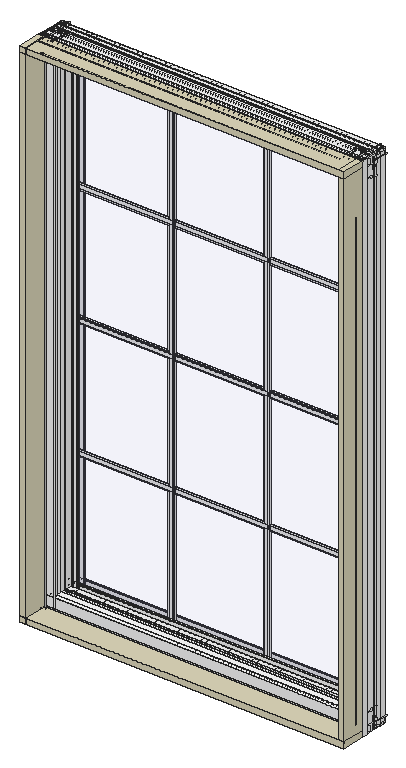
Revit family
Parameters
  Visible Light Transmission = 0
  Vertical Mullion 5 [instance] = and(Traditional Grille, not(Width > 5' 11 1/2"), and(Width > 5' 11 1/4"))  # no
  Vertical Mullion 4 [instance] = and(Traditional Grille, not(Width > 5' 11 1/4"), and(Width > 4' 11 1/4"))  # no
  Vertical Mullion 3 [instance] = and(Traditional Grille, not(Width > 4' 11 1/4"), and(Width > 3' 11 1/4"))  # no
  Vertical Mullion 2 [instance] = and(Traditional Grille, not(Width > 3' 11 1/4"), and(Width > 2' 3 1/4"))  # yes
  Vertical Mullion 1 [instance] = and(Traditional Grille, not(Width > 2' 3 1/4"), and(Width > 1' 5 1/4"))  # no
  Unit Width = 3' - 1"
  Unit Height = 4' - 11"
  URL = "www.pella.com"
  U Value = 0
  Traditional Grille [instance] = yes
  Solar Heat Gain Coefficient = 0
  Size Constraints = "Window Sizing constraints available in 1/4 inch (6.35 mm) increments"  # constant formula
  Set Back = 0' - 1.3126"
  Series = "Impervia Series"  # constant formula
  Sections = ""
  Sash Width = Width - 0' 2.61339"  # 2' - 10.38661"
  STC Rating = 0
  Rough Width = Width + 0' 0 1/2"  # 3' - 1 1/2"
  Rough Height = Height + 0' 0 1/2"  # 4' - 11 1/2"
  Revisions Date = "10/02/2009"  # constant formula
  R Value = 0
  Prairie Grille [instance] = no
  OmniClass Title = "Casement Windows"  # constant formula
  OmniClass Number = "23.30.20.17.21.14"  # constant formula
  Model = "4056"
  MasterFormat Title = "Fiberglass Windows"  # constant formula
  MasterFormat Number = "08.54.66"  # constant formula
  Manufacturer = "Pella Windows & Doors"  # constant formula
  LEED = ""
  Interior Finish = Wood-Pella-Interior-Factory Primed
  Horizontal Mullion 4 [instance] = and(Traditional Grille, not(Height > 6' 7 1/2"), and(Height > 4' 11 1/4"))  # no
  Horizontal Mullion 3 [instance] = and(Traditional Grille, not(Height > 4' 11 1/4"), and(Height > 3' 11 1/4"))  # yes
  Horizontal Mullion 2 [instance] = and(Traditional Grille, not(Height > 3' 11 1/4"), and(Height > 2' 5 1/4"))  # no
  Horizontal Mullion 1 [instance] = and(Traditional Grille, not(Height > 2' 5 1/4"), and(Height > 1' 5 1/4"))  # no
  Height = if(or(and(Unit Height < 5' 11 1/2", Unit Height > 1' 1 1/2"), or(Unit Height = 5' 11 1/2", Unit Height = 1' 1 1/2")), Unit Height, if(Unit Height < 1' 1 1/2", 1' 1 1/2", 5' 11 1/2"))  # 4' - 11"
  Head Height = Default Sill Height + Height  # 7' - 6 1/2"
  Grille Finish = Cladding-Pella-White
  Glazing Type = Glazing-Pella-Argon Filled, Low-E Insulating Glass
  Glazing = 0' - 0.69016"  # constant formula
  Exterior Finish = Cladding-Pella-White
  Energy Star = ""
  Design Pressure = ""
  Description = "Casement - Fixed Unit"  # constant formula
  Default Sill Height = 2' - 7 1/2"
  Wall Closure = (empty or 0)
  Width = if(or(and(Unit Width < 6' 7 1/2", Unit Width > 0' 11 1/2"), or(Unit Width = 6' 7 1/2", Unit Width = 0' 11 1/2")), Unit Width, if(Unit Width < 0' 11 1/2", 0' 11 1/2", 6' 7 1/2"))  # 3' - 1"
  Assembly Code = "B2020100"
  Architectural Design Manual = "www.pellaadm.com"
  Architectural Data Sheet = "To be determined"
  Air Leakage = 0
Reference planes (in)
  plane 1: y = 0
  plane 2 "Center (Left/Right)": x = 0
  plane 3 "Left": x = -18.5
  plane 4 "Right": x = 18.5
  plane 5 "Sill": z = 31.5
  plane 6 "Head": z = 90.5
  plane 7 "Exterior": y = 2.95276
  plane 8 "Interior": y = -2.95276
  plane 9 "Exterior Facade": y = 4.26526
  plane 10 "Set Back": y = 2.95266
  plane 11 "Left Sash": x = -17.19331
  plane 12 "Right Sash": x = 17.19331
  plane 13 "Head (Interior)": z = 89.1935
  plane 14 "Sill (Interior)": z = 32.8065
  plane 15: z = 61
  plane 16 "Glazing Exterior - Exterior": y = 2.74831
  plane 17 "Glazing Exterior - Interior": y = 2.6302
  plane 18 "Glazing Interior - Exterior": y = 2.05815
  plane 19 "Glazing Interior - Interior": y = 2.17626
  plane 20: x = 17.875
  plane 21: y = -0.29753
  plane 22: x = -17.875
  plane 23: y = -0.29753
  plane 24: z = 32.125
  plane 25: y = -0.29724
  plane 26: y = -0.29724
  plane 27: z = 89.875
  plane 28: z = 88.32519
  plane 29: z = 33.67481
  plane 30: x = -16.325
  plane 31: x = 16.325
  plane 32: x = 0.375
  plane 33: x = -0.375
  plane 34: x = -5.44167
  plane 35: x = 5.44167
  plane 36: x = -5.06667
  plane 37: x = -5.81667
  plane 38: x = 5.81667
  plane 39: x = 5.06667
  plane 40: x = -8.1625
  plane 41: x = 0
  plane 42: x = 8.1625
  plane 43: x = -7.7875
  plane 44: x = -8.5375
  plane 45: x = 8.5375
  plane 46: x = 7.7875
  plane 47: x = 0.375
  plane 48: x = -0.375
  plane 49: x = -9.795
  plane 50: x = -3.265
  plane 51: x = 3.265
  plane 52: x = 9.795
  plane 53: x = -9.42
  plane 54: x = -10.17
  plane 55: x = -2.89
  plane 56: x = -3.64
  plane 57: x = 3.64
  plane 58: x = 2.89
  plane 59: x = 10.17
  plane 60: x = 9.42
  plane 61: x = -10.88333
  plane 62: x = -5.44167
  plane 63: x = 0
  plane 64: x = 5.44167
  plane 65: x = 10.88333
  plane 66: z = 60.625
  plane 67: z = 61.375
  plane 68: z = 51.8916
  plane 69: z = 70.1084
  plane 70: z = 69.7334
  plane 71: z = 70.4834
  plane 72: z = 51.5166
  plane 73: z = 52.2666
  plane 74: z = 47.3374
  plane 75: z = 61
  plane 76: z = 74.6626
  plane 77: z = 60.625
  plane 78: z = 61.375
  plane 79: z = 74.2876
  plane 80: z = 75.0376
  plane 81: z = 46.9624
  plane 82: z = 47.7124
  plane 83: z = 44.60488
  plane 84: z = 55.53496
  plane 85: z = 66.46504
  plane 86: z = 77.39512
  plane 87: z = 77.02012
  plane 88: z = 77.77012
  plane 89: z = 66.09004
  plane 90: z = 66.84004
  plane 91: z = 55.15996
  plane 92: z = 55.90996
  plane 93: z = 44.22988
  plane 94: z = 44.97988
  plane 95: x = -12.45571
  plane 96: x = -13.20571
  plane 97: x = 13.20571
  plane 98: x = 12.45571
  plane 99: z = 84.48154
  plane 100: z = 85.23154
  plane 101: z = 37.51846
  plane 102: z = 36.76846
  plane 103: y = 2.28512
  plane 104: y = 2.52134
  plane 105: y = 2.28512
  plane 106: y = 2.52134
  plane 107: y = 2.28512
  plane 108: y = 2.52134
  plane 109: y = 2.28512
  plane 110: y = 2.52134
  plane 111: y = 2.28512
  plane 112: y = 2.52134
  plane 113: x = -17.1935
  plane 114: x = -17.1235
  plane 115: x = -16.7295
  plane 116: x = -16.6795
  plane 117: x = -16.4995
  plane 118: x = -16.4495
  plane 119: x = -16.3505
  plane 120: x = -15.8505
  plane 121: x = -15.8195
  plane 122: x = -15.7495
  plane 123: y = 2.82866
  plane 124: y = 2.77866
  plane 125: y = 2.62493
  plane 126: y = 2.53493
  plane 127: y = 2.48493
  plane 128: y = 2.05815
  plane 129: y = 1.97666
  plane 130: y = 1.77666
  plane 131: y = 1.72666
  plane 132: x = 10.50833
  plane 133: x = 11.25833
  plane 134: x = 5.06667
  plane 135: x = 5.81667
  plane 136: x = 0.375
  plane 137: x = -0.375
  plane 138: x = -5.81667
  plane 139: x = -5.06667
  plane 140: x = -10.50833
  plane 141: x = -11.25833
  plane 142: y = 2.52134
  plane 143: y = 2.28512
Forms (in)
  Sweep 1, solid, material "Cladding-Pella-White" <- "Exterior Finish"
    path origin (0, 2.95266, 0) x (1, 0, 0) y (0, 0, 1)
      loop
        line (-18.5, 31.5) -> (-18.5, 90.5)
    profile origin (-18.5, 2.95266, 61) x (-1, 0, 0) y (0, -1, 0)
      loop
        line (-0.15, 1.92) -> (-0.775, 1.92)
        arc (-0.775, 1.92) -> (-0.79621, 1.91121) -> (-0.805, 1.89) r 0.03
        line (-0.805, 1.89) -> (-0.805, 1.82)
        arc (-0.805, 1.82) -> (-0.82843, 1.76343) -> (-0.885, 1.74) r 0.08
        line (-0.885, 1.74) -> (-0.94, 1.74)
        arc (-0.94, 1.74) -> (-0.96121, 1.73121) -> (-0.97, 1.71) r 0.03
        line (-0.97, 1.71) -> (-0.97, 1.528)
        arc (-0.97, 1.528) -> (-0.96121, 1.50679) -> (-0.94, 1.498) r 0.03
        line (-0.94, 1.498) -> (-0.905, 1.498)
        arc (-0.905, 1.498) -> (-0.86257, 1.48043) -> (-0.845, 1.438) r 0.06
        line (-0.845, 1.438) -> (-0.845, 1.285)
        arc (-0.845, 1.285) -> (-0.83621, 1.26379) -> (-0.815, 1.255) r 0.03
        line (-0.815, 1.255) -> (-0.78, 1.255)
        arc (-0.78, 1.255) -> (-0.72343, 1.23157) -> (-0.7, 1.175) r 0.08
        line (-0.7, 1.175) -> (-0.7, 0.08)
        arc (-0.7, 0.08) -> (-0.69121, 0.05879) -> (-0.67, 0.05) r 0.03
        line (-0.67, 0.05) -> (-0.275, 0.05)
        arc (-0.275, 0.05) -> (-0.25379, 0.05879) -> (-0.245, 0.08) r 0.03
        line (-0.245, 0.08) -> (-0.245, 0.365)
        arc (-0.245, 0.365) -> (-0.21718, 0.43218) -> (-0.15, 0.46) r 0.095
        arc (-0.15, 0.46) -> (-0.12879, 0.46879) -> (-0.12, 0.49) r 0.03
        line (-0.12, 0.49) -> (-0.12, 0.88442)
        arc (-0.12, 0.88442) -> (-0.12603, 0.90692) -> (-0.1425, 0.92339) r 0.045
        line (-0.1425, 0.92339) -> (-0.22, 0.96813)
        arc (-0.22, 0.96813) -> (-0.2566, 1.00474) -> (-0.27, 1.05474) r 0.1
        line (-0.27, 1.05474) -> (-0.27, 1.51526)
        arc (-0.27, 1.51526) -> (-0.2566, 1.56526) -> (-0.22, 1.60187) r 0.1
        line (-0.22, 1.60187) -> (-0.1425, 1.64661)
        arc (-0.1425, 1.64661) -> (-0.12603, 1.66308) -> (-0.12, 1.68558) r 0.045
        line (-0.12, 1.68558) -> (-0.12, 1.89)
        arc (-0.12, 1.89) -> (-0.12879, 1.91121) -> (-0.15, 1.92) r 0.03
      loop
        line (-0.5, 3.03) -> (-0.795, 3.03)
        arc (-0.795, 3.03) -> (-0.81621, 3.02121) -> (-0.825, 3) r 0.03
        line (-0.825, 3) -> (-0.825, 2.02)
        arc (-0.825, 2.02) -> (-0.81621, 1.99879) -> (-0.795, 1.99) r 0.03
        line (-0.795, 1.99) -> (-0.15, 1.99)
        arc (-0.15, 1.99) -> (-0.12879, 1.99879) -> (-0.12, 2.02) r 0.03
        line (-0.12, 2.02) -> (-0.12, 2.76)
        arc (-0.12, 2.76) -> (-0.12879, 2.78121) -> (-0.15, 2.79) r 0.03
        arc (-0.15, 2.79) -> (-0.21718, 2.81782) -> (-0.245, 2.885) r 0.095
        line (-0.245, 2.885) -> (-0.245, 3.17)
        arc (-0.245, 3.17) -> (-0.25379, 3.19121) -> (-0.275, 3.2) r 0.03
        line (-0.275, 3.2) -> (-0.39, 3.2)
        arc (-0.39, 3.2) -> (-0.41121, 3.19121) -> (-0.42, 3.17) r 0.03
        line (-0.42, 3.17) -> (-0.42, 3.11)
        arc (-0.42, 3.11) -> (-0.44343, 3.05343) -> (-0.5, 3.03) r 0.08
      loop
        line (-1.792, 1.98234) -> (-1.792, 2.45149) -> (-1.69837, 2.88949) -> (-1.69837, 3.08793) -> (-0.7, 3.09469) -> (-0.64, 3.10969) -> (-0.5, 3.10969) -> (-0.5, 3.16969) -> (-0.64, 3.16969) -> (-0.7, 3.18469) -> (-1.70837, 3.178)
        arc (-1.70837, 3.178) -> (-1.76494, 3.15457) -> (-1.78837, 3.098) r 0.08
        line (-1.78837, 3.098) -> (-1.78837, 2.899) -> (-1.882, 2.461) -> (-1.882, 1.992) -> (-1.96079, 1.98925)
        arc (-1.96079, 1.98925) -> (-2.01555, 1.96487) -> (-2.038, 1.9093) r 0.08
        line (-2.038, 1.9093) -> (-2.038, 1.878) -> (-2.038, 1.245) -> (-1.948, 1.245) -> (-1.948, 1.365)
        arc (-1.948, 1.365) -> (-1.93922, 1.38621) -> (-1.918, 1.395) r 0.03
        line (-1.918, 1.395) -> (-1.48, 1.395)
        arc (-1.48, 1.395) -> (-1.42343, 1.41843) -> (-1.4, 1.475) r 0.08
        line (-1.4, 1.475) -> (-1.4, 1.53)
        arc (-1.4, 1.53) -> (-1.39414, 1.54414) -> (-1.38, 1.55) r 0.02
        line (-1.38, 1.55) -> (-1.24, 1.55) -> (-1.24, 1.61) -> (-1.38, 1.61)
        arc (-1.38, 1.61) -> (-1.39414, 1.61586) -> (-1.4, 1.63) r 0.02
        line (-1.4, 1.63) -> (-1.4, 1.74) -> (-1.17, 1.74) -> (-1.1639, 1.70055) -> (-1.07867, 1.74317)
        arc (-1.07867, 1.74317) -> (-1.06289, 1.77689) -> (-1.09208, 1.8) r 0.03
        line (-1.09208, 1.8) -> (-1.38, 1.8)
        arc (-1.38, 1.8) -> (-1.43657, 1.77657) -> (-1.46, 1.72) r 0.08
        line (-1.46, 1.72) -> (-1.46, 1.515)
        arc (-1.46, 1.515) -> (-1.46879, 1.49379) -> (-1.49, 1.485) r 0.03
        line (-1.49, 1.485) -> (-1.918, 1.485)
        arc (-1.918, 1.485) -> (-1.93922, 1.49379) -> (-1.948, 1.515) r 0.03
        line (-1.948, 1.515) -> (-1.948, 1.89964) -> (-1.86921, 1.90239)
        arc (-1.86921, 1.90239) -> (-1.81446, 1.92677) -> (-1.792, 1.98234) r 0.08
      loop
        arc (-1.04, 1.528) -> (-1.04879, 1.50679) -> (-1.07, 1.498) r 0.03
        line (-1.07, 1.498) -> (-1.35, 1.498) -> (-1.35, 1.428) -> (-1.115, 1.428)
        arc (-1.115, 1.428) -> (-1.10086, 1.42214) -> (-1.095, 1.408) r 0.02
        arc (-1.095, 1.408) -> (-1.07, 1.383) -> (-1.045, 1.408) r 0.025
        arc (-1.045, 1.408) -> (-1.03914, 1.42214) -> (-1.025, 1.428) r 0.02
        line (-1.025, 1.428) -> (-0.915, 1.428) -> (-0.915, 1.235) -> (-1.045, 1.235) -> (-1.045, 1.285) -> (-1.095, 1.285) -> (-1.095, 1.215)
        arc (-1.095, 1.215) -> (-1.08621, 1.19379) -> (-1.065, 1.185) r 0.03
        line (-1.065, 1.185) -> (-0.78, 1.185)
        arc (-0.78, 1.185) -> (-0.75879, 1.17621) -> (-0.75, 1.155) r 0.03
        line (-0.75, 1.155) -> (-0.75, -0.17) -> (-0.65, -0.17) -> (-0.53096, 0) -> (-0.275, 0)
        arc (-0.275, 0) -> (-0.21843, 0.02343) -> (-0.195, 0.08) r 0.08
        line (-0.195, 0.08) -> (-0.195, 0.41) -> (-0.07, 0.41) -> (-0.07, 0.1114) -> (-0.0343, 0.04767) -> (0, 0.04767) -> (0, 0.56) -> (-0.07, 0.56) -> (-0.07, 1.08062)
        arc (-0.07, 1.08062) -> (-0.11054, 1.11089) -> (-0.15052, 1.07988) r 0.04177
        line (-0.15052, 1.07988) -> (-0.15052, 1.03516) -> (-0.22, 1.03516) -> (-0.22, 1.535) -> (-0.15052, 1.535) -> (-0.15052, 1.49028)
        arc (-0.15052, 1.49028) -> (-0.11022, 1.45927) -> (-0.06983, 1.49016) r 0.04177
        line (-0.06983, 1.49016) -> (-0.06983, 2.68997) -> (0.00006, 2.68997) -> (0.00006, 3.20233) -> (-0.0343, 3.20233) -> (-0.07, 3.1386) -> (-0.07, 2.88501)
        arc (-0.07, 2.88501) -> (-0.08318, 2.85319) -> (-0.115, 2.84001) r 0.04499
        line (-0.115, 2.84001) -> (-0.14998, 2.84001)
        arc (-0.14998, 2.84001) -> (-0.18178, 2.85319) -> (-0.19495, 2.88499) r 0.04498
        line (-0.19495, 2.88499) -> (-0.19495, 3.17009)
        arc (-0.19495, 3.17009) -> (-0.21841, 3.22672) -> (-0.27505, 3.25018) r 0.08009
        line (-0.27505, 3.25018) -> (-0.72986, 3.25018)
        arc (-0.72986, 3.25018) -> (-0.74995, 3.225) -> (-0.72986, 3.19982) r 0.02583
        line (-0.72986, 3.19982) -> (-0.49995, 3.19982)
        arc (-0.49995, 3.19982) -> (-0.47881, 3.19106) -> (-0.47005, 3.16991) r 0.02991
        line (-0.47005, 3.16991) -> (-0.47005, 3.10999)
        arc (-0.47005, 3.10999) -> (-0.47883, 3.08879) -> (-0.50002, 3.08001) r 0.02998
        line (-0.50002, 3.08001) -> (-0.795, 3.08001)
        arc (-0.795, 3.08001) -> (-0.85157, 3.05658) -> (-0.875, 3.00001) r 0.08001
        line (-0.875, 3.00001) -> (-0.875, 1.84)
        arc (-0.875, 1.84) -> (-0.88379, 1.81879) -> (-0.905, 1.81) r 0.03
        line (-0.905, 1.81) -> (-0.995, 1.81)
        arc (-0.995, 1.81) -> (-1.02682, 1.79682) -> (-1.04, 1.765) r 0.045
        line (-1.04, 1.765) -> (-1.04, 1.69) -> (-1.35, 1.69) -> (-1.35, 1.62) -> (-1.04, 1.62) -> (-1.04, 1.528)
  Sweep 2, solid, material "Cladding-Pella-White" <- "Exterior Finish"
    path origin (0, 2.95266, 0) x (1, 0, 0) y (0, 0, 1)
      loop
        line (18.5, 31.5) -> (18.5, 90.5)
    profile origin (18.5, 2.95266, 61) x (-1, 0, 0) y (0, -1, 0)
      loop
        arc (0.15, 1.92) -> (0.12879, 1.91121) -> (0.12, 1.89) r 0.03
        line (0.12, 1.89) -> (0.12, 1.68558)
        arc (0.12, 1.68558) -> (0.12603, 1.66308) -> (0.1425, 1.64661) r 0.045
        line (0.1425, 1.64661) -> (0.22, 1.60187)
        arc (0.22, 1.60187) -> (0.2566, 1.56526) -> (0.27, 1.51526) r 0.1
        line (0.27, 1.51526) -> (0.27, 1.05474)
        arc (0.27, 1.05474) -> (0.2566, 1.00474) -> (0.22, 0.96813) r 0.1
        line (0.22, 0.96813) -> (0.1425, 0.92339)
        arc (0.1425, 0.92339) -> (0.12603, 0.90692) -> (0.12, 0.88442) r 0.045
        line (0.12, 0.88442) -> (0.12, 0.49)
        arc (0.12, 0.49) -> (0.12879, 0.46879) -> (0.15, 0.46) r 0.03
        arc (0.15, 0.46) -> (0.21718, 0.43218) -> (0.245, 0.365) r 0.095
        line (0.245, 0.365) -> (0.245, 0.08)
        arc (0.245, 0.08) -> (0.25379, 0.05879) -> (0.275, 0.05) r 0.03
        line (0.275, 0.05) -> (0.67, 0.05)
        arc (0.67, 0.05) -> (0.69121, 0.05879) -> (0.7, 0.08) r 0.03
        line (0.7, 0.08) -> (0.7, 1.175)
        arc (0.7, 1.175) -> (0.72343, 1.23157) -> (0.78, 1.255) r 0.08
        line (0.78, 1.255) -> (0.815, 1.255)
        arc (0.815, 1.255) -> (0.83621, 1.26379) -> (0.845, 1.285) r 0.03
        line (0.845, 1.285) -> (0.845, 1.438)
        arc (0.845, 1.438) -> (0.86257, 1.48043) -> (0.905, 1.498) r 0.06
        line (0.905, 1.498) -> (0.94, 1.498)
        arc (0.94, 1.498) -> (0.96121, 1.50679) -> (0.97, 1.528) r 0.03
        line (0.97, 1.528) -> (0.97, 1.71)
        arc (0.97, 1.71) -> (0.96121, 1.73121) -> (0.94, 1.74) r 0.03
        line (0.94, 1.74) -> (0.885, 1.74)
        arc (0.885, 1.74) -> (0.82843, 1.76343) -> (0.805, 1.82) r 0.08
        line (0.805, 1.82) -> (0.805, 1.89)
        arc (0.805, 1.89) -> (0.79621, 1.91121) -> (0.775, 1.92) r 0.03
        line (0.775, 1.92) -> (0.15, 1.92)
      loop
        arc (0.5, 3.03) -> (0.44343, 3.05343) -> (0.42, 3.11) r 0.08
        line (0.42, 3.11) -> (0.42, 3.17)
        arc (0.42, 3.17) -> (0.41121, 3.19121) -> (0.39, 3.2) r 0.03
        line (0.39, 3.2) -> (0.275, 3.2)
        arc (0.275, 3.2) -> (0.25379, 3.19121) -> (0.245, 3.17) r 0.03
        line (0.245, 3.17) -> (0.245, 2.885)
        arc (0.245, 2.885) -> (0.21718, 2.81782) -> (0.15, 2.79) r 0.095
        arc (0.15, 2.79) -> (0.12879, 2.78121) -> (0.12, 2.76) r 0.03
        line (0.12, 2.76) -> (0.12, 2.02)
        arc (0.12, 2.02) -> (0.12879, 1.99879) -> (0.15, 1.99) r 0.03
        line (0.15, 1.99) -> (0.795, 1.99)
        arc (0.795, 1.99) -> (0.81621, 1.99879) -> (0.825, 2.02) r 0.03
        line (0.825, 2.02) -> (0.825, 3)
        arc (0.825, 3) -> (0.81621, 3.02121) -> (0.795, 3.03) r 0.03
        line (0.795, 3.03) -> (0.5, 3.03)
      loop
        arc (1.792, 1.98234) -> (1.81446, 1.92677) -> (1.86921, 1.90239) r 0.08
        line (1.86921, 1.90239) -> (1.948, 1.89964) -> (1.948, 1.515)
        arc (1.948, 1.515) -> (1.93922, 1.49379) -> (1.918, 1.485) r 0.03
        line (1.918, 1.485) -> (1.49, 1.485)
        arc (1.49, 1.485) -> (1.46879, 1.49379) -> (1.46, 1.515) r 0.03
        line (1.46, 1.515) -> (1.46, 1.72)
        arc (1.46, 1.72) -> (1.43657, 1.77657) -> (1.38, 1.8) r 0.08
        line (1.38, 1.8) -> (1.09208, 1.8)
        arc (1.09208, 1.8) -> (1.06289, 1.77689) -> (1.07867, 1.74317) r 0.03
        line (1.07867, 1.74317) -> (1.1639, 1.70055) -> (1.17, 1.74) -> (1.4, 1.74) -> (1.4, 1.63)
        arc (1.4, 1.63) -> (1.39414, 1.61586) -> (1.38, 1.61) r 0.02
        line (1.38, 1.61) -> (1.24, 1.61) -> (1.24, 1.55) -> (1.38, 1.55)
        arc (1.38, 1.55) -> (1.39414, 1.54414) -> (1.4, 1.53) r 0.02
        line (1.4, 1.53) -> (1.4, 1.475)
        arc (1.4, 1.475) -> (1.42343, 1.41843) -> (1.48, 1.395) r 0.08
        line (1.48, 1.395) -> (1.918, 1.395)
        arc (1.918, 1.395) -> (1.93922, 1.38621) -> (1.948, 1.365) r 0.03
        line (1.948, 1.365) -> (1.948, 1.245) -> (2.038, 1.245) -> (2.038, 1.878) -> (2.038, 1.9093)
        arc (2.038, 1.9093) -> (2.01555, 1.96487) -> (1.96079, 1.98925) r 0.08
        line (1.96079, 1.98925) -> (1.882, 1.992) -> (1.882, 2.461) -> (1.78837, 2.899) -> (1.78837, 3.098)
        arc (1.78837, 3.098) -> (1.76494, 3.15457) -> (1.70837, 3.178) r 0.08
        line (1.70837, 3.178) -> (0.7, 3.18469) -> (0.64, 3.16969) -> (0.5, 3.16969) -> (0.5, 3.10969) -> (0.64, 3.10969) -> (0.7, 3.09469) -> (1.69837, 3.08793) -> (1.69837, 2.88949) -> (1.792, 2.45149) -> (1.792, 1.98234)
      loop
        line (1.04, 1.528) -> (1.04, 1.62) -> (1.35, 1.62) -> (1.35, 1.69) -> (1.04, 1.69) -> (1.04, 1.765)
        arc (1.04, 1.765) -> (1.02682, 1.79682) -> (0.995, 1.81) r 0.045
        line (0.995, 1.81) -> (0.905, 1.81)
        arc (0.905, 1.81) -> (0.88379, 1.81879) -> (0.875, 1.84) r 0.03
        line (0.875, 1.84) -> (0.875, 3.00001)
        arc (0.875, 3.00001) -> (0.85157, 3.05658) -> (0.795, 3.08001) r 0.08001
        line (0.795, 3.08001) -> (0.50002, 3.08001)
        arc (0.50002, 3.08001) -> (0.47883, 3.08879) -> (0.47005, 3.10999) r 0.02998
        line (0.47005, 3.10999) -> (0.47005, 3.16991)
        arc (0.47005, 3.16991) -> (0.47881, 3.19106) -> (0.49995, 3.19982) r 0.02991
        line (0.49995, 3.19982) -> (0.72986, 3.19982)
        arc (0.72986, 3.19982) -> (0.74995, 3.225) -> (0.72986, 3.25018) r 0.02583
        line (0.72986, 3.25018) -> (0.27505, 3.25018)
        arc (0.27505, 3.25018) -> (0.21841, 3.22672) -> (0.19495, 3.17009) r 0.08009
        line (0.19495, 3.17009) -> (0.19495, 2.88499)
        arc (0.19495, 2.88499) -> (0.18178, 2.85319) -> (0.14998, 2.84001) r 0.04498
        line (0.14998, 2.84001) -> (0.115, 2.84001)
        arc (0.115, 2.84001) -> (0.08318, 2.85319) -> (0.07, 2.88501) r 0.04499
        line (0.07, 2.88501) -> (0.07, 3.1386) -> (0.0343, 3.20233) -> (-0.00006, 3.20233) -> (-0.00006, 2.68997) -> (0.06983, 2.68997) -> (0.06983, 1.49016)
        arc (0.06983, 1.49016) -> (0.11022, 1.45927) -> (0.15052, 1.49028) r 0.04177
        line (0.15052, 1.49028) -> (0.15052, 1.535) -> (0.22, 1.535) -> (0.22, 1.03516) -> (0.15052, 1.03516) -> (0.15052, 1.07988)
        arc (0.15052, 1.07988) -> (0.11054, 1.11089) -> (0.07, 1.08062) r 0.04177
        line (0.07, 1.08062) -> (0.07, 0.56) -> (0, 0.56) -> (0, 0.04767) -> (0.0343, 0.04767) -> (0.07, 0.1114) -> (0.07, 0.41) -> (0.195, 0.41) -> (0.195, 0.08)
        arc (0.195, 0.08) -> (0.21843, 0.02343) -> (0.275, 0) r 0.08
        line (0.275, 0) -> (0.53096, 0) -> (0.65, -0.17) -> (0.75, -0.17) -> (0.75, 1.155)
        arc (0.75, 1.155) -> (0.75879, 1.17621) -> (0.78, 1.185) r 0.03
        line (0.78, 1.185) -> (1.065, 1.185)
        arc (1.065, 1.185) -> (1.08621, 1.19379) -> (1.095, 1.215) r 0.03
        line (1.095, 1.215) -> (1.095, 1.285) -> (1.045, 1.285) -> (1.045, 1.235) -> (0.915, 1.235) -> (0.915, 1.428) -> (1.025, 1.428)
        arc (1.025, 1.428) -> (1.03914, 1.42214) -> (1.045, 1.408) r 0.02
        arc (1.045, 1.408) -> (1.07, 1.383) -> (1.095, 1.408) r 0.025
        arc (1.095, 1.408) -> (1.10086, 1.42214) -> (1.115, 1.428) r 0.02
        line (1.115, 1.428) -> (1.35, 1.428) -> (1.35, 1.498) -> (1.07, 1.498)
        arc (1.07, 1.498) -> (1.04879, 1.50679) -> (1.04, 1.528) r 0.03
  Sweep 3, solid, material "Cladding-Pella-White" <- "Exterior Finish"
    path origin (0, 2.95266, 0) x (1, 0, 0) y (0, 0, 1)
      loop
        line (18.5, 90.5) -> (-18.5, 90.5)
    profile origin (0, 2.95266, 90.5) x (0, 0, -1) y (0, -1, 0)
      loop
        arc (0.795, 1.9899) -> (0.81621, 1.99869) -> (0.825, 2.0199) r 0.03
        line (0.825, 2.0199) -> (0.825, 2.9999)
        arc (0.825, 2.9999) -> (0.81621, 3.02111) -> (0.795, 3.0299) r 0.03
        line (0.795, 3.0299) -> (0.5, 3.0299)
        arc (0.5, 3.0299) -> (0.44343, 3.05333) -> (0.42, 3.1099) r 0.08
        line (0.42, 3.1099) -> (0.42, 3.1699)
        arc (0.42, 3.1699) -> (0.41121, 3.19111) -> (0.39, 3.1999) r 0.03
        line (0.39, 3.1999) -> (0.275, 3.1999)
        arc (0.275, 3.1999) -> (0.25379, 3.19111) -> (0.245, 3.1699) r 0.03
        line (0.245, 3.1699) -> (0.245, 2.8849)
        arc (0.245, 2.8849) -> (0.21718, 2.81773) -> (0.15, 2.7899) r 0.095
        arc (0.15, 2.7899) -> (0.12879, 2.78111) -> (0.12, 2.7599) r 0.03
        line (0.12, 2.7599) -> (0.12, 2.0199)
        arc (0.12, 2.0199) -> (0.12879, 1.99869) -> (0.15, 1.9899) r 0.03
        line (0.15, 1.9899) -> (0.795, 1.9899)
      loop
        arc (0.15, 1.9199) -> (0.12879, 1.91111) -> (0.12, 1.8899) r 0.03
        line (0.12, 1.8899) -> (0.12, 1.68548)
        arc (0.12, 1.68548) -> (0.12603, 1.66298) -> (0.1425, 1.64651) r 0.045
        line (0.1425, 1.64651) -> (0.22, 1.60177)
        arc (0.22, 1.60177) -> (0.2566, 1.56517) -> (0.27, 1.51517) r 0.1
        line (0.27, 1.51517) -> (0.27, 1.05464)
        arc (0.27, 1.05464) -> (0.2566, 1.00464) -> (0.22, 0.96803) r 0.1
        line (0.22, 0.96803) -> (0.1425, 0.92329)
        arc (0.1425, 0.92329) -> (0.12603, 0.90682) -> (0.12, 0.88432) r 0.045
        line (0.12, 0.88432) -> (0.12, 0.4899)
        arc (0.12, 0.4899) -> (0.12879, 0.46869) -> (0.15, 0.4599) r 0.03
        arc (0.15, 0.4599) -> (0.21718, 0.43208) -> (0.245, 0.3649) r 0.095
        line (0.245, 0.3649) -> (0.245, 0.0799)
        arc (0.245, 0.0799) -> (0.25379, 0.05869) -> (0.275, 0.0499) r 0.03
        line (0.275, 0.0499) -> (0.67, 0.0499)
        arc (0.67, 0.0499) -> (0.69121, 0.05869) -> (0.7, 0.0799) r 0.03
        line (0.7, 0.0799) -> (0.7, 1.1749)
        arc (0.7, 1.1749) -> (0.72343, 1.23147) -> (0.78, 1.2549) r 0.08
        line (0.78, 1.2549) -> (0.815, 1.2549)
        arc (0.815, 1.2549) -> (0.83621, 1.26369) -> (0.845, 1.2849) r 0.03
        line (0.845, 1.2849) -> (0.845, 1.4379)
        arc (0.845, 1.4379) -> (0.86257, 1.48033) -> (0.905, 1.4979) r 0.06
        line (0.905, 1.4979) -> (0.94, 1.4979)
        arc (0.94, 1.4979) -> (0.96121, 1.50669) -> (0.97, 1.5279) r 0.03
        line (0.97, 1.5279) -> (0.97, 1.5589) -> (0.97, 1.7099)
        arc (0.97, 1.7099) -> (0.96121, 1.73111) -> (0.94, 1.7399) r 0.03
        line (0.94, 1.7399) -> (0.885, 1.7399)
        arc (0.885, 1.7399) -> (0.82843, 1.76333) -> (0.805, 1.8199) r 0.08
        line (0.805, 1.8199) -> (0.805, 1.8899)
        arc (0.805, 1.8899) -> (0.79621, 1.91111) -> (0.775, 1.9199) r 0.03
        line (0.775, 1.9199) -> (0.15, 1.9199)
      loop
        line (1.04, 1.5279) -> (1.04, 1.5899)
        arc (1.04, 1.5899) -> (1.04879, 1.61111) -> (1.07, 1.6199) r 0.03
        line (1.07, 1.6199) -> (1.33, 1.6199)
        arc (1.33, 1.6199) -> (1.365, 1.6549) -> (1.33, 1.6899) r 0.035
        line (1.33, 1.6899) -> (1.07, 1.6899)
        arc (1.07, 1.6899) -> (1.04879, 1.69869) -> (1.04, 1.7199) r 0.03
        line (1.04, 1.7199) -> (1.04, 1.7649)
        arc (1.04, 1.7649) -> (1.02682, 1.79672) -> (0.995, 1.8099) r 0.045
        line (0.995, 1.8099) -> (0.905, 1.8099)
        arc (0.905, 1.8099) -> (0.88379, 1.81869) -> (0.875, 1.8399) r 0.03
        line (0.875, 1.8399) -> (0.875, 2.9999)
        arc (0.875, 2.9999) -> (0.85157, 3.05647) -> (0.795, 3.0799) r 0.08
        line (0.795, 3.0799) -> (0.5, 3.0799)
        arc (0.5, 3.0799) -> (0.47879, 3.08869) -> (0.47, 3.1099) r 0.03
        line (0.47, 3.1099) -> (0.47, 3.1699)
        arc (0.47, 3.1699) -> (0.47879, 3.19111) -> (0.5, 3.1999) r 0.03
        line (0.5, 3.1999) -> (0.73, 3.1999)
        arc (0.73, 3.1999) -> (0.755, 3.2249) -> (0.73, 3.2499) r 0.025
        line (0.73, 3.2499) -> (0.275, 3.2499)
        arc (0.275, 3.2499) -> (0.21843, 3.22647) -> (0.195, 3.1699) r 0.08
        line (0.195, 3.1699) -> (0.195, 2.8849)
        arc (0.195, 2.8849) -> (0.18182, 2.85308) -> (0.15, 2.8399) r 0.045
        line (0.15, 2.8399) -> (0.115, 2.8399)
        arc (0.115, 2.8399) -> (0.08318, 2.85308) -> (0.07, 2.8849) r 0.045
        line (0.07, 2.8849) -> (0.07, 3.13851) -> (0.037, 3.1974)
        arc (0.037, 3.1974) -> (0.0185, 3.20824) -> (0, 3.1974) r 0.02121
        line (0, 3.1974) -> (0, 2.6599) -> (0.07, 2.6599) -> (0.07, 1.4599) -> (0.15, 1.4599) -> (0.15, 1.5149)
        arc (0.15, 1.5149) -> (0.185, 1.5499) -> (0.22, 1.5149) r 0.035
        line (0.22, 1.5149) -> (0.22, 1.0549)
        arc (0.22, 1.0549) -> (0.185, 1.0199) -> (0.15, 1.0549) r 0.035
        line (0.15, 1.0549) -> (0.15, 1.1099) -> (0.07, 1.1099) -> (0.07, 0.5899) -> (0, 0.5899) -> (0, 0.0524)
        arc (0, 0.0524) -> (0.0185, 0.04156) -> (0.037, 0.0524) r 0.02121
        line (0.037, 0.0524) -> (0.07, 0.1113) -> (0.07, 0.3649)
        arc (0.07, 0.3649) -> (0.08318, 0.39672) -> (0.115, 0.4099) r 0.045
        line (0.115, 0.4099) -> (0.15, 0.4099)
        arc (0.15, 0.4099) -> (0.18182, 0.39672) -> (0.195, 0.3649) r 0.045
        line (0.195, 0.3649) -> (0.195, 0.0799)
        arc (0.195, 0.0799) -> (0.21843, 0.02333) -> (0.275, -0.0001) r 0.08
        line (0.275, -0.0001) -> (0.50754, -0.0001)
        arc (0.50754, -0.0001) -> (0.52832, -0.00518) -> (0.5444, -0.01929) r 0.045
        line (0.5444, -0.01929) -> (0.63656, -0.15091)
        arc (0.63656, -0.15091) -> (0.65265, -0.16501) -> (0.67343, -0.1701) r 0.045
        line (0.67343, -0.1701) -> (0.73, -0.1701)
        arc (0.73, -0.1701) -> (0.74414, -0.16424) -> (0.75, -0.1501) r 0.02
        line (0.75, -0.1501) -> (0.75, 1.1549)
        arc (0.75, 1.1549) -> (0.75879, 1.17611) -> (0.78, 1.1849) r 0.03
        line (0.78, 1.1849) -> (1.065, 1.1849)
        arc (1.065, 1.1849) -> (1.08621, 1.19369) -> (1.095, 1.2149) r 0.03
        line (1.095, 1.2149) -> (1.095, 1.2549)
        arc (1.095, 1.2549) -> (1.07, 1.2799) -> (1.045, 1.2549) r 0.025
        arc (1.045, 1.2549) -> (1.03914, 1.24076) -> (1.025, 1.2349) r 0.02
        line (1.025, 1.2349) -> (0.945, 1.2349)
        arc (0.945, 1.2349) -> (0.92379, 1.24369) -> (0.915, 1.2649) r 0.03
        line (0.915, 1.2649) -> (0.915, 1.3979)
        arc (0.915, 1.3979) -> (0.92379, 1.41911) -> (0.945, 1.4279) r 0.03
        line (0.945, 1.4279) -> (1.025, 1.4279)
        arc (1.025, 1.4279) -> (1.03914, 1.42204) -> (1.045, 1.4079) r 0.02
        arc (1.045, 1.4079) -> (1.07, 1.3829) -> (1.095, 1.4079) r 0.025
        arc (1.095, 1.4079) -> (1.10086, 1.42204) -> (1.115, 1.4279) r 0.02
        line (1.115, 1.4279) -> (1.33, 1.4279)
        arc (1.33, 1.4279) -> (1.365, 1.4629) -> (1.33, 1.4979) r 0.035
        line (1.33, 1.4979) -> (1.07, 1.4979)
        arc (1.07, 1.4979) -> (1.04879, 1.50669) -> (1.04, 1.5279) r 0.03
      loop
        line (1.81884, 3.1854) -> (0.7, 3.1854) -> (0.64, 3.1704) -> (0.48, 3.1704) -> (0.48, 3.1104) -> (0.64, 3.1104) -> (0.7, 3.0954) -> (1.81531, 3.0954) -> (2.001, 2.94541) -> (2.105, 2.45678) -> (2.105, 1.98941)
        arc (2.105, 1.98941) -> (2.1274, 1.93412) -> (2.18187, 1.90981) r 0.07983
        line (2.18187, 1.90981) -> (2.24133, 1.90773)
        arc (2.24133, 1.90773) -> (2.25533, 1.90157) -> (2.261, 1.88736) r 0.02019
        line (2.261, 1.88736) -> (2.261, 1.5224)
        arc (2.261, 1.5224) -> (2.25221, 1.50119) -> (2.231, 1.4924) r 0.03
        line (2.231, 1.4924) -> (1.49, 1.4924)
        arc (1.49, 1.4924) -> (1.46879, 1.50119) -> (1.46, 1.5224) r 0.03
        line (1.46, 1.5224) -> (1.46, 1.7274)
        arc (1.46, 1.7274) -> (1.43657, 1.78397) -> (1.38, 1.8074) r 0.08
        line (1.38, 1.8074) -> (1.09208, 1.8074)
        arc (1.09208, 1.8074) -> (1.06288, 1.78429) -> (1.07867, 1.75057) r 0.03
        line (1.07867, 1.75057) -> (1.16382, 1.70799) -> (1.17, 1.7474) -> (1.4, 1.7474) -> (1.4, 1.4824)
        arc (1.4, 1.4824) -> (1.42343, 1.42583) -> (1.48, 1.4024) r 0.08
        line (1.48, 1.4024) -> (2.231, 1.4024)
        arc (2.231, 1.4024) -> (2.25221, 1.39361) -> (2.261, 1.3724) r 0.03
        line (2.261, 1.3724) -> (2.261, 1.2824)
        arc (2.261, 1.2824) -> (2.306, 1.2374) -> (2.351, 1.2824) r 0.045
        line (2.351, 1.2824) -> (2.351, 1.8854) -> (2.351, 1.9167)
        arc (2.351, 1.9167) -> (2.32855, 1.97227) -> (2.27379, 1.99665) r 0.08
        line (2.27379, 1.99665) -> (2.195, 1.9994) -> (2.195, 2.4684) -> (2.08827, 2.96769)
        arc (2.08827, 2.96769) -> (2.0782, 2.99285) -> (2.0603, 3.0132) r 0.08
        line (2.0603, 3.0132) -> (1.86911, 3.16764)
        arc (1.86911, 3.16764) -> (1.8455, 3.18083) -> (1.81884, 3.1854) r 0.08
  Sweep 4, solid, material "Cladding-Pella-White" <- "Exterior Finish"
    path origin (0, 2.95266, 0) x (1, 0, 0) y (0, 0, 1)
      loop
        line (18.5, 31.5) -> (-18.5, 31.5)
    profile origin (0, 2.95266, 31.5) x (0, 0, -1) y (0, -1, 0)
      loop
        line (-0.795, 1.9899) -> (-0.15, 1.9899)
        arc (-0.15, 1.9899) -> (-0.12879, 1.99869) -> (-0.12, 2.0199) r 0.03
        line (-0.12, 2.0199) -> (-0.12, 2.7599)
        arc (-0.12, 2.7599) -> (-0.12879, 2.78111) -> (-0.15, 2.7899) r 0.03
        arc (-0.15, 2.7899) -> (-0.21718, 2.81773) -> (-0.245, 2.8849) r 0.095
        line (-0.245, 2.8849) -> (-0.245, 3.1699)
        arc (-0.245, 3.1699) -> (-0.25379, 3.19111) -> (-0.275, 3.1999) r 0.03
        line (-0.275, 3.1999) -> (-0.39, 3.1999)
        arc (-0.39, 3.1999) -> (-0.41121, 3.19111) -> (-0.42, 3.1699) r 0.03
        line (-0.42, 3.1699) -> (-0.42, 3.1099)
        arc (-0.42, 3.1099) -> (-0.44343, 3.05333) -> (-0.5, 3.0299) r 0.08
        line (-0.5, 3.0299) -> (-0.795, 3.0299)
        arc (-0.795, 3.0299) -> (-0.81621, 3.02111) -> (-0.825, 2.9999) r 0.03
        line (-0.825, 2.9999) -> (-0.825, 2.0199)
        arc (-0.825, 2.0199) -> (-0.81621, 1.99869) -> (-0.795, 1.9899) r 0.03
      loop
        line (-0.15, 1.9199) -> (-0.775, 1.9199)
        arc (-0.775, 1.9199) -> (-0.79621, 1.91111) -> (-0.805, 1.8899) r 0.03
        line (-0.805, 1.8899) -> (-0.805, 1.8199)
        arc (-0.805, 1.8199) -> (-0.82843, 1.76333) -> (-0.885, 1.7399) r 0.08
        line (-0.885, 1.7399) -> (-0.94, 1.7399)
        arc (-0.94, 1.7399) -> (-0.96121, 1.73111) -> (-0.97, 1.7099) r 0.03
        line (-0.97, 1.7099) -> (-0.97, 1.5589) -> (-0.97, 1.5279)
        arc (-0.97, 1.5279) -> (-0.96121, 1.50669) -> (-0.94, 1.4979) r 0.03
        line (-0.94, 1.4979) -> (-0.905, 1.4979)
        arc (-0.905, 1.4979) -> (-0.86257, 1.48033) -> (-0.845, 1.4379) r 0.06
        line (-0.845, 1.4379) -> (-0.845, 1.2849)
        arc (-0.845, 1.2849) -> (-0.83621, 1.26369) -> (-0.815, 1.2549) r 0.03
        line (-0.815, 1.2549) -> (-0.78, 1.2549)
        arc (-0.78, 1.2549) -> (-0.72343, 1.23147) -> (-0.7, 1.1749) r 0.08
        line (-0.7, 1.1749) -> (-0.7, 0.0799)
        arc (-0.7, 0.0799) -> (-0.69121, 0.05869) -> (-0.67, 0.0499) r 0.03
        line (-0.67, 0.0499) -> (-0.275, 0.0499)
        arc (-0.275, 0.0499) -> (-0.25379, 0.05869) -> (-0.245, 0.0799) r 0.03
        line (-0.245, 0.0799) -> (-0.245, 0.3649)
        arc (-0.245, 0.3649) -> (-0.21718, 0.43208) -> (-0.15, 0.4599) r 0.095
        arc (-0.15, 0.4599) -> (-0.12879, 0.46869) -> (-0.12, 0.4899) r 0.03
        line (-0.12, 0.4899) -> (-0.12, 0.88432)
        arc (-0.12, 0.88432) -> (-0.12603, 0.90682) -> (-0.1425, 0.92329) r 0.045
        line (-0.1425, 0.92329) -> (-0.22, 0.96803)
        arc (-0.22, 0.96803) -> (-0.2566, 1.00464) -> (-0.27, 1.05464) r 0.1
        line (-0.27, 1.05464) -> (-0.27, 1.51517)
        arc (-0.27, 1.51517) -> (-0.2566, 1.56517) -> (-0.22, 1.60177) r 0.1
        line (-0.22, 1.60177) -> (-0.1425, 1.64651)
        arc (-0.1425, 1.64651) -> (-0.12603, 1.66298) -> (-0.12, 1.68548) r 0.045
        line (-0.12, 1.68548) -> (-0.12, 1.8899)
        arc (-0.12, 1.8899) -> (-0.12879, 1.91111) -> (-0.15, 1.9199) r 0.03
      loop
        arc (-1.04, 1.5279) -> (-1.04879, 1.50669) -> (-1.07, 1.4979) r 0.03
        line (-1.07, 1.4979) -> (-1.33, 1.4979)
        arc (-1.33, 1.4979) -> (-1.365, 1.4629) -> (-1.33, 1.4279) r 0.035
        line (-1.33, 1.4279) -> (-1.115, 1.4279)
        arc (-1.115, 1.4279) -> (-1.10086, 1.42204) -> (-1.095, 1.4079) r 0.02
        arc (-1.095, 1.4079) -> (-1.07, 1.3829) -> (-1.045, 1.4079) r 0.025
        arc (-1.045, 1.4079) -> (-1.03914, 1.42204) -> (-1.025, 1.4279) r 0.02
        line (-1.025, 1.4279) -> (-0.945, 1.4279)
        arc (-0.945, 1.4279) -> (-0.92379, 1.41911) -> (-0.915, 1.3979) r 0.03
        line (-0.915, 1.3979) -> (-0.915, 1.2649)
        arc (-0.915, 1.2649) -> (-0.92379, 1.24369) -> (-0.945, 1.2349) r 0.03
        line (-0.945, 1.2349) -> (-1.025, 1.2349)
        arc (-1.025, 1.2349) -> (-1.03914, 1.24076) -> (-1.045, 1.2549) r 0.02
        arc (-1.045, 1.2549) -> (-1.07, 1.2799) -> (-1.095, 1.2549) r 0.025
        line (-1.095, 1.2549) -> (-1.095, 1.2149)
        arc (-1.095, 1.2149) -> (-1.08621, 1.19369) -> (-1.065, 1.1849) r 0.03
        line (-1.065, 1.1849) -> (-0.78, 1.1849)
        arc (-0.78, 1.1849) -> (-0.75879, 1.17611) -> (-0.75, 1.1549) r 0.03
        line (-0.75, 1.1549) -> (-0.75, -0.1501)
        arc (-0.75, -0.1501) -> (-0.74414, -0.16424) -> (-0.73, -0.1701) r 0.02
        line (-0.73, -0.1701) -> (-0.67343, -0.1701)
        arc (-0.67343, -0.1701) -> (-0.65265, -0.16501) -> (-0.63656, -0.15091) r 0.045
        line (-0.63656, -0.15091) -> (-0.5444, -0.01929)
        arc (-0.5444, -0.01929) -> (-0.52832, -0.00518) -> (-0.50754, -0.0001) r 0.045
        line (-0.50754, -0.0001) -> (-0.275, -0.0001)
        arc (-0.275, -0.0001) -> (-0.21843, 0.02333) -> (-0.195, 0.0799) r 0.08
        line (-0.195, 0.0799) -> (-0.195, 0.3649)
        arc (-0.195, 0.3649) -> (-0.18182, 0.39672) -> (-0.15, 0.4099) r 0.045
        line (-0.15, 0.4099) -> (-0.115, 0.4099)
        arc (-0.115, 0.4099) -> (-0.08318, 0.39672) -> (-0.07, 0.3649) r 0.045
        line (-0.07, 0.3649) -> (-0.07, 0.1113) -> (-0.037, 0.0524)
        arc (-0.037, 0.0524) -> (-0.0185, 0.04156) -> (0, 0.0524) r 0.02121
        line (0, 0.0524) -> (0, 0.5899) -> (-0.07, 0.5899) -> (-0.07, 1.1099) -> (-0.15, 1.1099) -> (-0.15, 1.0549)
        arc (-0.15, 1.0549) -> (-0.185, 1.0199) -> (-0.22, 1.0549) r 0.035
        line (-0.22, 1.0549) -> (-0.22, 1.5149)
        arc (-0.22, 1.5149) -> (-0.185, 1.5499) -> (-0.15, 1.5149) r 0.035
        line (-0.15, 1.5149) -> (-0.15, 1.4599) -> (-0.07, 1.4599) -> (-0.07, 2.6599) -> (0, 2.6599) -> (0, 3.1974)
        arc (0, 3.1974) -> (-0.0185, 3.20824) -> (-0.037, 3.1974) r 0.02121
        line (-0.037, 3.1974) -> (-0.07, 3.13851) -> (-0.07, 2.8849)
        arc (-0.07, 2.8849) -> (-0.08318, 2.85308) -> (-0.115, 2.8399) r 0.045
        line (-0.115, 2.8399) -> (-0.15, 2.8399)
        arc (-0.15, 2.8399) -> (-0.18182, 2.85308) -> (-0.195, 2.8849) r 0.045
        line (-0.195, 2.8849) -> (-0.195, 3.1699)
        arc (-0.195, 3.1699) -> (-0.21843, 3.22647) -> (-0.275, 3.2499) r 0.08
        line (-0.275, 3.2499) -> (-0.73, 3.2499)
        arc (-0.73, 3.2499) -> (-0.755, 3.2249) -> (-0.73, 3.1999) r 0.025
        line (-0.73, 3.1999) -> (-0.5, 3.1999)
        arc (-0.5, 3.1999) -> (-0.47879, 3.19111) -> (-0.47, 3.1699) r 0.03
        line (-0.47, 3.1699) -> (-0.47, 3.1099)
        arc (-0.47, 3.1099) -> (-0.47879, 3.08869) -> (-0.5, 3.0799) r 0.03
        line (-0.5, 3.0799) -> (-0.795, 3.0799)
        arc (-0.795, 3.0799) -> (-0.85157, 3.05647) -> (-0.875, 2.9999) r 0.08
        line (-0.875, 2.9999) -> (-0.875, 1.8399)
        arc (-0.875, 1.8399) -> (-0.88379, 1.81869) -> (-0.905, 1.8099) r 0.03
        line (-0.905, 1.8099) -> (-0.995, 1.8099)
        arc (-0.995, 1.8099) -> (-1.02682, 1.79672) -> (-1.04, 1.7649) r 0.045
        line (-1.04, 1.7649) -> (-1.04, 1.7199)
        arc (-1.04, 1.7199) -> (-1.04879, 1.69869) -> (-1.07, 1.6899) r 0.03
        line (-1.07, 1.6899) -> (-1.33, 1.6899)
        arc (-1.33, 1.6899) -> (-1.365, 1.6549) -> (-1.33, 1.6199) r 0.035
        line (-1.33, 1.6199) -> (-1.07, 1.6199)
        arc (-1.07, 1.6199) -> (-1.04879, 1.61111) -> (-1.04, 1.5899) r 0.03
        line (-1.04, 1.5899) -> (-1.04, 1.5279)
      loop
        arc (-1.81884, 3.1854) -> (-1.8455, 3.18083) -> (-1.86911, 3.16764) r 0.08
        line (-1.86911, 3.16764) -> (-2.0603, 3.0132)
        arc (-2.0603, 3.0132) -> (-2.0782, 2.99285) -> (-2.08827, 2.96769) r 0.08
        line (-2.08827, 2.96769) -> (-2.195, 2.4684) -> (-2.195, 1.9994) -> (-2.27379, 1.99665)
        arc (-2.27379, 1.99665) -> (-2.32855, 1.97227) -> (-2.351, 1.9167) r 0.08
        line (-2.351, 1.9167) -> (-2.351, 1.8854) -> (-2.351, 1.2824)
        arc (-2.351, 1.2824) -> (-2.306, 1.2374) -> (-2.261, 1.2824) r 0.045
        line (-2.261, 1.2824) -> (-2.261, 1.3724)
        arc (-2.261, 1.3724) -> (-2.25221, 1.39361) -> (-2.231, 1.4024) r 0.03
        line (-2.231, 1.4024) -> (-1.48, 1.4024)
        arc (-1.48, 1.4024) -> (-1.42343, 1.42583) -> (-1.4, 1.4824) r 0.08
        line (-1.4, 1.4824) -> (-1.4, 1.7474) -> (-1.17, 1.7474) -> (-1.16382, 1.70799) -> (-1.07867, 1.75057)
        arc (-1.07867, 1.75057) -> (-1.06288, 1.78429) -> (-1.09208, 1.8074) r 0.03
        line (-1.09208, 1.8074) -> (-1.38, 1.8074)
        arc (-1.38, 1.8074) -> (-1.43657, 1.78397) -> (-1.46, 1.7274) r 0.08
        line (-1.46, 1.7274) -> (-1.46, 1.5224)
        arc (-1.46, 1.5224) -> (-1.46879, 1.50119) -> (-1.49, 1.4924) r 0.03
        line (-1.49, 1.4924) -> (-2.231, 1.4924)
        arc (-2.231, 1.4924) -> (-2.25221, 1.50119) -> (-2.261, 1.5224) r 0.03
        line (-2.261, 1.5224) -> (-2.261, 1.88736)
        arc (-2.261, 1.88736) -> (-2.25533, 1.90157) -> (-2.24133, 1.90773) r 0.02019
        line (-2.24133, 1.90773) -> (-2.18187, 1.90981)
        arc (-2.18187, 1.90981) -> (-2.1274, 1.93412) -> (-2.105, 1.98941) r 0.07983
        line (-2.105, 1.98941) -> (-2.105, 2.45678) -> (-2.001, 2.94541) -> (-1.81531, 3.0954) -> (-0.7, 3.0954) -> (-0.64, 3.1104) -> (-0.48, 3.1104) -> (-0.48, 3.1704) -> (-0.64, 3.1704) -> (-0.7, 3.1854) -> (-1.81884, 3.1854)
  Sweep 5, solid, material "Cladding-Pella-White" <- "Exterior Finish"
    path origin (0, 2.95266, 0) x (1, 0, 0) y (0, 0, 1)
      loop
        line (17.19331, 32.8065) -> (-17.19331, 32.8065)
    profile origin (0, 2.95266, 32.8065) x (0, 0, -1) y (0, -1, 0)
      loop
        arc (-0.46381, 0.15976) -> (-0.45063, 0.12794) -> (-0.41881, 0.11476) r 0.045
        line (-0.41881, 0.11476) -> (-0.11481, 0.11476)
        arc (-0.11481, 0.11476) -> (-0.08299, 0.12794) -> (-0.06981, 0.15976) r 0.045
        line (-0.06981, 0.15976) -> (-0.06981, 1.07176)
        arc (-0.06981, 1.07176) -> (-0.08299, 1.10358) -> (-0.11481, 1.11676) r 0.045
        line (-0.11481, 1.11676) -> (-1.32881, 1.11676)
        arc (-1.32881, 1.11676) -> (-1.36063, 1.10358) -> (-1.37381, 1.07176) r 0.045
        line (-1.37381, 1.07176) -> (-1.37381, 0.96176)
        arc (-1.37381, 0.96176) -> (-1.36063, 0.92994) -> (-1.32881, 0.91676) r 0.045
        line (-1.32881, 0.91676) -> (-0.78881, 0.91676)
        arc (-0.78881, 0.91676) -> (-0.72163, 0.88893) -> (-0.69381, 0.82176) r 0.095
        line (-0.69381, 0.82176) -> (-0.69381, 0.45349)
        arc (-0.69381, 0.45349) -> (-0.68063, 0.42167) -> (-0.64881, 0.40849) r 0.045
        line (-0.64881, 0.40849) -> (-0.55881, 0.40849)
        arc (-0.55881, 0.40849) -> (-0.49163, 0.38066) -> (-0.46381, 0.31349) r 0.095
        line (-0.46381, 0.31349) -> (-0.46381, 0.15976)
      loop
        line (-1.42381, 0.86676) -> (-1.34281, 0.86676) -> (-1.34281, 0.83526) -> (-0.84281, 0.83526) -> (-0.84281, 0.86676) -> (-0.78881, 0.86676)
        arc (-0.78881, 0.86676) -> (-0.75699, 0.85358) -> (-0.74381, 0.82176) r 0.045
        line (-0.74381, 0.82176) -> (-0.74381, 0.11476)
        arc (-0.74381, 0.11476) -> (-0.71881, 0.08976) -> (-0.69381, 0.11476) r 0.025
        line (-0.69381, 0.11476) -> (-0.69381, 0.32849)
        arc (-0.69381, 0.32849) -> (-0.68502, 0.3497) -> (-0.66381, 0.35849) r 0.03
        line (-0.66381, 0.35849) -> (-0.55881, 0.35849)
        arc (-0.55881, 0.35849) -> (-0.52699, 0.34531) -> (-0.51381, 0.31349) r 0.045
        line (-0.51381, 0.31349) -> (-0.51381, 0.26849) -> (-0.59381, 0.26849) -> (-0.54241, 0.12727) -> (-0.45314, 0.06476) -> (0.25019, 0.06476)
        arc (0.25019, 0.06476) -> (0.27519, 0.08976) -> (0.25019, 0.11476) r 0.025
        line (0.25019, 0.11476) -> (0.02019, 0.11476)
        arc (0.02019, 0.11476) -> (0.00605, 0.12062) -> (0.00019, 0.13476) r 0.02
        line (0.00019, 0.13476) -> (0.00019, 0.82676)
        arc (0.00019, 0.82676) -> (0.00605, 0.8409) -> (0.02019, 0.84676) r 0.02
        arc (0.02019, 0.84676) -> (0.04519, 0.87176) -> (0.02019, 0.89676) r 0.025
        arc (0.02019, 0.89676) -> (0.00605, 0.90262) -> (0.00019, 0.91676) r 0.02
        line (0.00019, 0.91676) -> (0.00019, 1.09676)
        arc (0.00019, 1.09676) -> (0.00605, 1.1109) -> (0.02019, 1.11676) r 0.02
        arc (0.02019, 1.11676) -> (0.04519, 1.14176) -> (0.02019, 1.16676) r 0.025
        line (0.02019, 1.16676) -> (-1.38381, 1.16676)
        arc (-1.38381, 1.16676) -> (-1.42623, 1.14919) -> (-1.44381, 1.10676) r 0.06
        line (-1.44381, 1.10676) -> (-1.44381, 0.88676)
        arc (-1.44381, 0.88676) -> (-1.43795, 0.87262) -> (-1.42381, 0.86676) r 0.02
  Sweep 6, solid, material "Cladding-Pella-White" <- "Exterior Finish"
    path origin (0, 2.95266, 0) x (1, 0, 0) y (0, 0, 1)
      loop
        line (17.19331, 89.1935) -> (-17.19331, 89.1935)
    profile origin (0, 2.95266, 89.1935) x (0, 0, -1) y (0, -1, 0)
      loop
        line (0.46381, 0.15976) -> (0.46381, 0.31349)
        arc (0.46381, 0.31349) -> (0.49163, 0.38066) -> (0.55881, 0.40849) r 0.095
        line (0.55881, 0.40849) -> (0.64881, 0.40849)
        arc (0.64881, 0.40849) -> (0.68063, 0.42167) -> (0.69381, 0.45349) r 0.045
        line (0.69381, 0.45349) -> (0.69381, 0.82176)
        arc (0.69381, 0.82176) -> (0.72163, 0.88893) -> (0.78881, 0.91676) r 0.095
        line (0.78881, 0.91676) -> (1.32881, 0.91676)
        arc (1.32881, 0.91676) -> (1.36063, 0.92994) -> (1.37381, 0.96176) r 0.045
        line (1.37381, 0.96176) -> (1.37381, 1.07176)
        arc (1.37381, 1.07176) -> (1.36063, 1.10358) -> (1.32881, 1.11676) r 0.045
        line (1.32881, 1.11676) -> (0.11481, 1.11676)
        arc (0.11481, 1.11676) -> (0.08299, 1.10358) -> (0.06981, 1.07176) r 0.045
        line (0.06981, 1.07176) -> (0.06981, 0.15976)
        arc (0.06981, 0.15976) -> (0.08299, 0.12794) -> (0.11481, 0.11476) r 0.045
        line (0.11481, 0.11476) -> (0.41881, 0.11476)
        arc (0.41881, 0.11476) -> (0.45063, 0.12794) -> (0.46381, 0.15976) r 0.045
      loop
        arc (1.42381, 0.86676) -> (1.43795, 0.87262) -> (1.44381, 0.88676) r 0.02
        line (1.44381, 0.88676) -> (1.44381, 1.10676)
        arc (1.44381, 1.10676) -> (1.42623, 1.14919) -> (1.38381, 1.16676) r 0.06
        line (1.38381, 1.16676) -> (-0.02019, 1.16676)
        arc (-0.02019, 1.16676) -> (-0.04519, 1.14176) -> (-0.02019, 1.11676) r 0.025
        arc (-0.02019, 1.11676) -> (-0.00605, 1.1109) -> (-0.00019, 1.09676) r 0.02
        line (-0.00019, 1.09676) -> (-0.00019, 0.91676)
        arc (-0.00019, 0.91676) -> (-0.00605, 0.90262) -> (-0.02019, 0.89676) r 0.02
        arc (-0.02019, 0.89676) -> (-0.04519, 0.87176) -> (-0.02019, 0.84676) r 0.025
        arc (-0.02019, 0.84676) -> (-0.00605, 0.8409) -> (-0.00019, 0.82676) r 0.02
        line (-0.00019, 0.82676) -> (-0.00019, 0.13476)
        arc (-0.00019, 0.13476) -> (-0.00605, 0.12062) -> (-0.02019, 0.11476) r 0.02
        line (-0.02019, 0.11476) -> (-0.25019, 0.11476)
        arc (-0.25019, 0.11476) -> (-0.27519, 0.08976) -> (-0.25019, 0.06476) r 0.025
        line (-0.25019, 0.06476) -> (0.45314, 0.06476) -> (0.54241, 0.12727) -> (0.59381, 0.26849) -> (0.51381, 0.26849) -> (0.51381, 0.31349)
        arc (0.51381, 0.31349) -> (0.52699, 0.34531) -> (0.55881, 0.35849) r 0.045
        line (0.55881, 0.35849) -> (0.66381, 0.35849)
        arc (0.66381, 0.35849) -> (0.68502, 0.3497) -> (0.69381, 0.32849) r 0.03
        line (0.69381, 0.32849) -> (0.69381, 0.11476)
        arc (0.69381, 0.11476) -> (0.71881, 0.08976) -> (0.74381, 0.11476) r 0.025
        line (0.74381, 0.11476) -> (0.74381, 0.82176)
        arc (0.74381, 0.82176) -> (0.75699, 0.85358) -> (0.78881, 0.86676) r 0.045
        line (0.78881, 0.86676) -> (0.84281, 0.86676) -> (0.84281, 0.83526) -> (1.34281, 0.83526) -> (1.34281, 0.86676) -> (1.42381, 0.86676)
  Sweep 7, solid, material "Cladding-Pella-White" <- "Exterior Finish"
    path origin (0, 2.95266, 0) x (1, 0, 0) y (0, 0, 1)
      loop
        line (17.19331, 89.1935) -> (17.19331, 32.8065)
    profile origin (17.19331, 2.95266, 61) x (0, -1, 0) y (1, 0, 0)
      loop
        line (0.219, -0.46381) -> (0.37273, -0.46381)
        arc (0.37273, -0.46381) -> (0.4399, -0.49163) -> (0.46773, -0.55881) r 0.095
        line (0.46773, -0.55881) -> (0.46773, -0.64881)
        arc (0.46773, -0.64881) -> (0.48091, -0.68063) -> (0.51273, -0.69381) r 0.045
        line (0.51273, -0.69381) -> (0.881, -0.69381)
        arc (0.881, -0.69381) -> (0.94818, -0.72163) -> (0.976, -0.78881) r 0.095
        line (0.976, -0.78881) -> (0.976, -1.32881)
        arc (0.976, -1.32881) -> (0.98918, -1.36063) -> (1.021, -1.37381) r 0.045
        line (1.021, -1.37381) -> (1.131, -1.37381)
        arc (1.131, -1.37381) -> (1.16282, -1.36063) -> (1.176, -1.32881) r 0.045
        line (1.176, -1.32881) -> (1.176, -0.11481)
        arc (1.176, -0.11481) -> (1.16282, -0.08299) -> (1.131, -0.06981) r 0.045
        line (1.131, -0.06981) -> (0.219, -0.06981)
        arc (0.219, -0.06981) -> (0.18718, -0.08299) -> (0.174, -0.11481) r 0.045
        line (0.174, -0.11481) -> (0.174, -0.41881)
        arc (0.174, -0.41881) -> (0.18718, -0.45063) -> (0.219, -0.46381) r 0.045
      loop
        arc (0.926, -1.42381) -> (0.93186, -1.43795) -> (0.946, -1.44381) r 0.02
        line (0.946, -1.44381) -> (1.166, -1.44381)
        arc (1.166, -1.44381) -> (1.20843, -1.42623) -> (1.226, -1.38381) r 0.06
        line (1.226, -1.38381) -> (1.226, 0.02019)
        arc (1.226, 0.02019) -> (1.201, 0.04519) -> (1.176, 0.02019) r 0.025
        arc (1.176, 0.02019) -> (1.17014, 0.00605) -> (1.156, 0.00019) r 0.02
        line (1.156, 0.00019) -> (0.976, 0.00019)
        arc (0.976, 0.00019) -> (0.96186, 0.00605) -> (0.956, 0.02019) r 0.02
        arc (0.956, 0.02019) -> (0.931, 0.04519) -> (0.906, 0.02019) r 0.025
        arc (0.906, 0.02019) -> (0.90014, 0.00605) -> (0.886, 0.00019) r 0.02
        line (0.886, 0.00019) -> (0.194, 0.00019)
        arc (0.194, 0.00019) -> (0.17986, 0.00605) -> (0.174, 0.02019) r 0.02
        line (0.174, 0.02019) -> (0.174, 0.25019)
        arc (0.174, 0.25019) -> (0.149, 0.27519) -> (0.124, 0.25019) r 0.025
        line (0.124, 0.25019) -> (0.124, -0.45314) -> (0.18651, -0.54241) -> (0.32773, -0.59381) -> (0.32773, -0.51381) -> (0.37273, -0.51381)
        arc (0.37273, -0.51381) -> (0.40455, -0.52699) -> (0.41773, -0.55881) r 0.045
        line (0.41773, -0.55881) -> (0.41773, -0.66381)
        arc (0.41773, -0.66381) -> (0.40894, -0.68502) -> (0.38773, -0.69381) r 0.03
        line (0.38773, -0.69381) -> (0.174, -0.69381)
        arc (0.174, -0.69381) -> (0.149, -0.71881) -> (0.174, -0.74381) r 0.025
        line (0.174, -0.74381) -> (0.881, -0.74381)
        arc (0.881, -0.74381) -> (0.91282, -0.75699) -> (0.926, -0.78881) r 0.045
        line (0.926, -0.78881) -> (0.926, -0.84281) -> (0.8945, -0.84281) -> (0.8945, -1.34281) -> (0.926, -1.34281) -> (0.926, -1.42381)
  Sweep 8, solid, material "Cladding-Pella-White" <- "Exterior Finish"
    path origin (0, 2.95266, -0.22798) x (1, 0, 0) y (0, 0, 1)
      loop
        line (-17.19331, 89.42148) -> (-17.19331, 33.03448)
    profile origin (-17.19331, 2.95266, 61) x (0, -1, 0) y (1, 0, 0)
      loop
        arc (0.219, 0.46381) -> (0.18718, 0.45063) -> (0.174, 0.41881) r 0.045
        line (0.174, 0.41881) -> (0.174, 0.11481)
        arc (0.174, 0.11481) -> (0.18718, 0.08299) -> (0.219, 0.06981) r 0.045
        line (0.219, 0.06981) -> (1.131, 0.06981)
        arc (1.131, 0.06981) -> (1.16282, 0.08299) -> (1.176, 0.11481) r 0.045
        line (1.176, 0.11481) -> (1.176, 1.32881)
        arc (1.176, 1.32881) -> (1.16282, 1.36063) -> (1.131, 1.37381) r 0.045
        line (1.131, 1.37381) -> (1.021, 1.37381)
        arc (1.021, 1.37381) -> (0.98918, 1.36063) -> (0.976, 1.32881) r 0.045
        line (0.976, 1.32881) -> (0.976, 0.78881)
        arc (0.976, 0.78881) -> (0.94818, 0.72163) -> (0.881, 0.69381) r 0.095
        line (0.881, 0.69381) -> (0.51273, 0.69381)
        arc (0.51273, 0.69381) -> (0.48091, 0.68063) -> (0.46773, 0.64881) r 0.045
        line (0.46773, 0.64881) -> (0.46773, 0.55881)
        arc (0.46773, 0.55881) -> (0.4399, 0.49163) -> (0.37273, 0.46381) r 0.095
